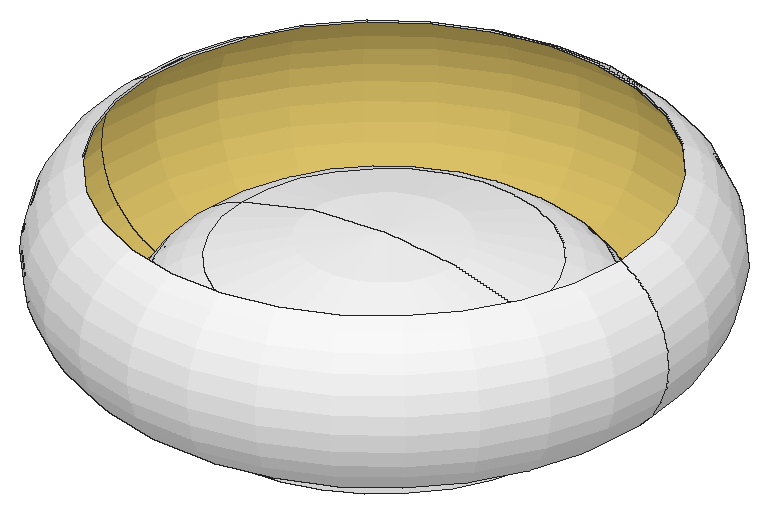
Revit family "AFX-Kayce-LED_ Ceiling-1", category Lighting Fixtures, host Face, Revit 2021
Family settings
  Host = Face
  Round Connector Dimension = Use Diameter
  Part Type = Normal
  Cut with Voids When Loaded = No
  Light Source = Yes
  Shared = No
  Room Calculation Point = No
Parameters (values of type "Type Catalog")
  Wattage Comments = "15W"
  Wattage = 9.2903 W
  built-in parameter 1150110 = 1 (stored number, unit not read)
  Voltage = 120 V
  URL = "https://www.afxinc.com/"
  Type Comments = "Kayce"  # constant formula
  built-in parameter 1114217 = 1 (stored number, unit not read)
  Tilt Angle = 90.00°
  built-in parameter 1150109 = 1 (stored number, unit not read)
  built-in parameter 1150134 = 3
  Sustainability = "https://lamprecycle.org/en/"
  built-in parameter 1150113 = 1 (stored number, unit not read)
  Revit File Built By = "https://servex-us.com/servex-revit/"
  Product Documentation Link = "https://www.afxinc.com/products/productDetail.cfm?productID=1951"
  Photometric Web File = "KYCF12LAJD1BK WH_2700K IES.IES"
  Model = "Type Catalog"
  Manufacturer = "AFX Inc"  # constant formula
  built-in parameter 1150105 = 109.82 (stored number, unit not read)
  Lumens = 1380 lm
  built-in parameter 1150115 = 1 (stored number, unit not read)
  built-in parameter 1150137 = (empty or 0)
  built-in parameter 1150139 = (empty or 0)
  built-in parameter 1150112 = 1 (stored number, unit not read)
  built-in parameter 1150114 = 1 (stored number, unit not read)
  Lamp = ""
  Keynote = "12500"  # constant formula
  Interior Effect Finish = AFX - Gold
  built-in parameter 1150132 = (empty or 0)
  built-in parameter 1150102 = (empty or 0)
  built-in parameter 1150107 = 3200 (stored number, unit not read)
  built-in parameter 1150138 = (empty or 0)
  built-in parameter 1150106 = 1.0982 (stored number, unit not read)
  Emit from Circle Diameter = 6"
  Emit Shape Visible in Rendering = no
  built-in parameter 1150104 = 13.8 (stored number, unit not read)
  Dimming Lamp Color Temperature Shift = <None>
  Diffuser Finish = AFX - White Acrylic
  Diameter = 12"
  Description = "Type Catalog"
  Depth = 4 1/4"
  Default Elevation = 48"
  Colour Rendering Index = "90"
  Color Filter = 16777215
  Body Finish = AFX - White Steel
  built-in parameter 1114218 = 1 (stored number, unit not read)
  built-in parameter 1150133 = 10 (stored number, unit not read)
  Assembly Code = "D5020200"
  Apparent Load = 0 VA
Reference planes (in)
  plane 1 "Center (Front/Back)": y = 0.13952
  plane 2: z = 0
  plane 3 "Center (Left/Right)": x = 0
Dimensions and locks (in)
  locked: plane 2 to imposter light at 1.75984
  aligned and locked: host face to plane 2
  aligned and locked: level to host face
  aligned and locked: imposter light to plane 3 "Center (Left/Right)"
  aligned and locked: plane 1 "Center (Front/Back)" to imposter light
  aligned and locked: plane 1 "Center (Front/Back)" to nested 1
Nested families (in)
  nested 1: "Body & Screen-K" at (0, 0.13952, 0), Diameter <- "Diameter", Diffuser Finish <- "Diffuser Finish", Body Finish <- "Body Finish", Interior Effect Finish <- "Interior Effect Finish", type "Lamp"
    with Interior Effect Finish AFX - Gold, Diffuser Finish AFX - White Acrylic, Diameter 12", D-19 no, D-15 no, D-12 yes, Body Finish AFX - White Steel
Connectors (in)
  electrical at (0, 0.13952, 0.03125), driven by "Voltage", driven by "Apparent Load"
    settings: on nested 1, index 1, voltage 120 V, apparent load 0 VA, apparent load phase1 0 VA, apparent load phase2 0 VA, apparent load phase3 0 VA, power factor 1, load classification "Lighting", number of poles 1, system type 31, power factor state 1, is connector primary yes, connector utility no, sub classification motor no, connector description ""
Definition of nested family "Body & Screen-K"
  Parameters (values of type "Lamp")
    Revit Model Built By = "https://servex-us.com/servex-revit/"
    Interior Effect Finish [instance] = none
    Diffuser Finish [instance] = none
    Diameter [instance] = 12"
    Default Elevation = 0"
    D-19 [instance] = and(Diameter = 19")  # no
    D-15 [instance] = and(Diameter = 15")  # no
    D-12 [instance] = and(Diameter = 12")  # yes
    Body Finish [instance] = none
  Reference planes (in)
    plane 1 "Center (Front/Back)": y = 0
    plane 2: z = 0
    plane 3 "Center (Left/Right)": x = 0
  Forms (in)
    Revolve 1, solid, material <- "Body Finish", visible <- "D-12"
      sketch origin (0, 0, 0) x (1, 0, 0) y (0, 0, 1)
        loop
          arc (4.81696, 0.75984) -> (5.99794, 2.36058) -> (4.97548, 4.06693) r 1.7938
          line (4.97548, 4.06693) -> (4.97548, 4.03227)
          arc (4.97548, 4.03227) -> (5.9665, 2.35737) -> (4.81145, 0.79109) r 1.76255
          line (4.81145, 0.79109) -> (3.67349, 0.79109) -> (3.67349, 0.03125) -> (0, 0.03125) -> (0, 0) -> (3.70474, 0) -> (3.70474, 0.68172)
          arc (3.70474, 0.68172) -> (3.72762, 0.73696) -> (3.78287, 0.75984) r 0.07813
          line (3.78287, 0.75984) -> (4.81696, 0.75984)
        axis (0, 4.06693) -> (0, 0)
      angle from 0 to 360
    Revolve 2, solid, material <- "Diffuser Finish", visible <- "D-12"
      sketch origin (0, 0, 0) x (1, 0, 0) y (0, 0, 1)
        loop
          arc (2.99005, 2.38476) -> (1.51485, 2.75038) -> (0, 2.87333) r 9.39389
          line (0, 2.87333) -> (0, 2.7952)
          arc (0, 2.7952) -> (1.50225, 2.67328) -> (2.96518, 2.3107) r 9.31577
          arc (2.96518, 2.3107) -> (3.45068, 2.08593) -> (3.87566, 1.76092) r 2.4445
          arc (3.87566, 1.76092) -> (4.09639, 1.44254) -> (4.17414, 1.063) r 0.96519
          line (4.17414, 1.063) -> (4.17414, 0.94734)
          arc (4.17414, 0.94734) -> (4.15126, 0.8921) -> (4.09601, 0.86922) r 0.07813
          line (4.09601, 0.86922) -> (3.5858, 0.86922)
          arc (3.5858, 0.86922) -> (3.46947, 0.82103) -> (3.42128, 0.7047) r 0.16452
          line (3.42128, 0.7047) -> (3.42128, 0.21649) -> (3.49941, 0.21649) -> (3.49941, 0.7047)
          arc (3.49941, 0.7047) -> (3.52471, 0.76579) -> (3.5858, 0.79109) r 0.0864
          line (3.5858, 0.79109) -> (4.09601, 0.79109)
          arc (4.09601, 0.79109) -> (4.2065, 0.83686) -> (4.25226, 0.94734) r 0.15625
          line (4.25226, 0.94734) -> (4.25226, 1.063)
          arc (4.25226, 1.063) -> (4.16822, 1.47326) -> (3.92962, 1.81741) r 1.04332
          arc (3.92962, 1.81741) -> (3.49106, 2.15281) -> (2.99005, 2.38476) r 2.52263
        axis (0, 2.87333) -> (0, 0.21649)
      angle from 0 to 360
    Revolve 3, solid, material <- "Body Finish", visible <- "D-15"
      sketch origin (0, 0, 0) x (1, 0, 0) y (0, 0, 1)
        loop
          arc (6.32012, 0.62992) -> (7.49933, 2.33279) -> (6.47641, 4.13388) r 1.94631
          line (6.47641, 4.13388) -> (6.46162, 4.10635)
          arc (6.46162, 4.10635) -> (7.46826, 2.33736) -> (6.31369, 0.66117) r 1.91506
          line (6.31369, 0.66117) -> (5.2837, 0.66117) -> (5.2837, 0.03125) -> (0, 0.03125) -> (0, 0) -> (5.31495, 0) -> (5.31495, 0.56742)
          arc (5.31495, 0.56742) -> (5.33326, 0.61162) -> (5.37745, 0.62992) r 0.0625
          line (5.37745, 0.62992) -> (6.32012, 0.62992)
        axis (0, 4.13388) -> (0, 0)
      angle from 0 to 360
    Revolve 4, solid, material <- "Diffuser Finish", visible <- "D-15"
      sketch origin (0, 0, 0) x (1, 0, 0) y (0, 0, 1)
        loop
          arc (2.67188, 2.78665) -> (1.34117, 2.96406) -> (0, 3.02334) r 15.19883
          line (0, 3.02334) -> (0, 2.94522)
          arc (0, 2.94522) -> (1.33428, 2.88624) -> (2.65814, 2.70974) r 15.1207
          arc (2.65814, 2.70974) -> (3.30966, 2.57147) -> (3.95084, 2.39127) r 10.27337
          arc (3.95084, 2.39127) -> (4.4725, 2.18415) -> (4.95928, 1.90475) r 3.92532
          arc (4.95928, 1.90475) -> (5.3077, 1.51826) -> (5.43369, 1.01339) r 1.0746
          line (5.43369, 1.01339) -> (5.43369, 0.81585)
          arc (5.43369, 0.81585) -> (5.41126, 0.76172) -> (5.35713, 0.7393) r 0.07656
          line (5.35713, 0.7393) -> (4.8038, 0.7393)
          arc (4.8038, 0.7393) -> (4.6925, 0.6932) -> (4.6464, 0.5819) r 0.1574
          line (4.6464, 0.5819) -> (4.6464, 0.21654) -> (4.72452, 0.21654) -> (4.72452, 0.5819)
          arc (4.72452, 0.5819) -> (4.74774, 0.63795) -> (4.8038, 0.66117) r 0.07927
          line (4.8038, 0.66117) -> (5.35713, 0.66117)
          arc (5.35713, 0.66117) -> (5.46651, 0.70648) -> (5.51181, 0.81585) r 0.15468
          line (5.51181, 0.81585) -> (5.51181, 1.01339)
          arc (5.51181, 1.01339) -> (5.37667, 1.55496) -> (5.00292, 1.96955) r 1.15272
          arc (5.00292, 1.96955) -> (4.50645, 2.25451) -> (3.97441, 2.46575) r 4.00344
          arc (3.97441, 2.46575) -> (3.32835, 2.64732) -> (2.67188, 2.78665) r 10.35149
        axis (0, 3.02334) -> (0, 0.21654)
      angle from 0 to 360
    Revolve 5, solid, material <- "Body Finish", visible <- "D-19"
      sketch origin (0, 0, 0) x (1, 0, 0) y (0, 0, 1)
        loop
          arc (7.81151, 0.76378) -> (9.49181, 2.57684) -> (8.16322, 4.66142) r 2.02263
          line (8.16322, 4.66142) -> (8.15263, 4.63202)
          arc (8.15263, 4.63202) -> (9.46081, 2.58094) -> (7.8089, 0.79503) r 1.99138
          line (7.8089, 0.79503) -> (6.26808, 0.79503) -> (6.26808, 0.03125) -> (0, 0.03125) -> (0, 0) -> (6.29933, 0) -> (6.29933, 0.7169)
          arc (6.29933, 0.7169) -> (6.31306, 0.75005) -> (6.34621, 0.76378) r 0.04688
          line (6.34621, 0.76378) -> (7.81151, 0.76378)
        axis (0, 4.66142) -> (0, 0)
      angle from 0 to 360
    Revolve 6, solid, material <- "Diffuser Finish", visible <- "D-19"
      sketch origin (0, 0, 0) x (1, 0, 0) y (0, 0, 1)
        loop
          arc (4.16969, 2.78286) -> (2.0931, 3.06116) -> (0, 3.15418) r 23.59708
          line (0, 3.15418) -> (0, 3.07605)
          arc (0, 3.07605) -> (2.08617, 2.98335) -> (4.15589, 2.70596) r 23.51896
          arc (4.15589, 2.70596) -> (4.6758, 2.60023) -> (5.19031, 2.47073) r 11.54503
          arc (5.19031, 2.47073) -> (5.82124, 2.24707) -> (6.4141, 1.93623) r 4.71031
          arc (6.4141, 1.93623) -> (6.79215, 1.54052) -> (6.92977, 1.01084) r 1.08817
          line (6.92977, 1.01084) -> (6.92977, 0.94179)
          arc (6.92977, 0.94179) -> (6.90967, 0.89326) -> (6.86113, 0.87315) r 0.06863
          line (6.86113, 0.87315) -> (5.90615, 0.87315) -> (5.90615, 0.22047) -> (5.98428, 0.22047) -> (5.98428, 0.70128)
          arc (5.98428, 0.70128) -> (6.01174, 0.76757) -> (6.07803, 0.79503) r 0.09375
          line (6.07803, 0.79503) -> (6.86113, 0.79503)
          arc (6.86113, 0.79503) -> (6.96491, 0.83801) -> (7.00789, 0.94179) r 0.14676
          line (7.00789, 0.94179) -> (7.00789, 1.01084)
          arc (7.00789, 1.01084) -> (6.86039, 1.57855) -> (6.4552, 2.00267) r 1.16629
          arc (6.4552, 2.00267) -> (5.85251, 2.31867) -> (5.21111, 2.54604) r 4.78844
          arc (5.21111, 2.54604) -> (4.69313, 2.67641) -> (4.16969, 2.78286) r 11.62315
        axis (0, 3.15418) -> (0, 0.22047)
      angle from 0 to 360
  Lines and regions (in)
    symbolic lines, visible <- "D-12"
      curve 1: circle (0, 0, 0) r 6 normal (0, 0, 1)
      curve 2: circle (0, 0, 0) r 4.81145 normal (0, 0, 1)
    symbolic lines, visible <- "D-15"
      curve 3: circle (0, 0, 0) r 7.5 normal (0, 0, 1)
      curve 4: circle (0, 0, 0) r 6.47641 normal (0, 0, 1)
    symbolic lines, visible <- "D-19"
      curve 5: circle (0, 0, 0) r 9.5 normal (0, 0, 1)
      curve 6: circle (0, 0, 0) r 7.81151 normal (0, 0, 1)
  Dimensions and locks (in)
    Revolve 1 sketch curve to Revolve 1 sketch curve to Revolve 1 sketch curve to Revolve 1 sketch curve to Revolve 1 sketch curve = 0.76928" locked, 0.42334" locked, 5/64" locked, 1/32" locked
    aligned and locked: plane 2 to level
    aligned and locked: plane 3 "Center (Left/Right)" to Revolve 4 sketch curve
    aligned and locked: plane 3 "Center (Left/Right)" to Revolve 5 sketch curve
    aligned and locked: plane 3 "Center (Left/Right)" to Revolve 6 sketch curve
